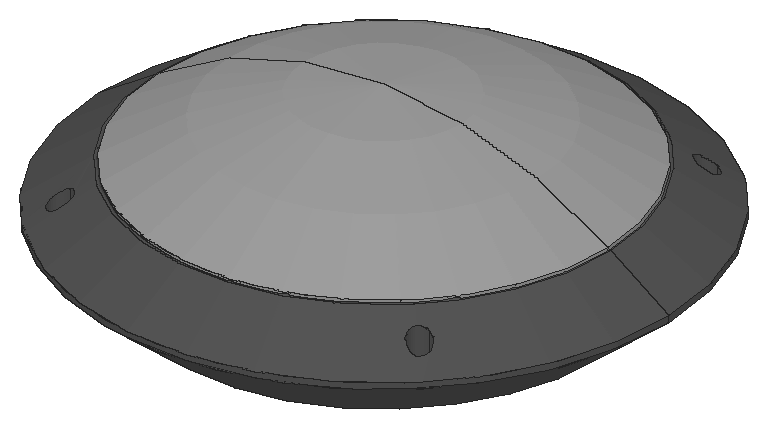
Revit family "49251", category Lighting Fixtures, host Face, Revit 2018
Family settings
  Host = Face
  Round Connector Dimension = Use Diameter
  Part Type = Normal
  OmniClass Number = 23.80.70.00
  OmniClass Title = Lighting
  Cut with Voids When Loaded = No
  Light Source = Yes
  Shared = No
  Room Calculation Point = No
Parameters (values of type "0049251 START SURFACE IP66 1450LM 830 DA EM3 BLK")
  Weight = "n/a"
  Wattage Comments = ""
  Wattage = 12 W
  WarrantyStartDate [instance] = "n/a"
  WarrantyGuarantorParts = "n/a"
  WarrantyDurationUnit = "n/a"
  WarrantyDurationParts = ""
  WarrantyDescription = "http://www.sylvania-lighting.com"
  built-in parameter 1150110 = 1 (stored number, unit not read)
  Voltage = 0 V
  URL = "1"
  TypeName = "START SURFACE IP66 1450LM 830 IK10 DALI EM3 BLK"
  Type Image = <None>
  Type Comments = "n/a"
  built-in parameter 1114217 = 1 (stored number, unit not read)
  Tilt Angle = -90.00°
  built-in parameter 1150109 = 1 (stored number, unit not read)
  built-in parameter 1150134 = (empty or 0)
  built-in parameter 1150113 = 1 (stored number, unit not read)
  SerialNumber [instance] = "n/a"
  Photometric Web File = "0049251.ies"
  Material_3_SYL = LED-Sylvania-StartSurfaceIP66
  PowerFactor = 0
  PowerConsumption = "Lighting"
  NominalLength = 300 mm
  NominalHeight = 90 mm
  NominalDepth = 300 mm
  Name = "START SURFACE IP66 1450LM 830 IK10 DALI EM3 BLK"
  ModelReference = Name  # "START SURFACE IP66 1450LM 830 IK10 DALI EM3 BLK"
  ModelNumber = "0049251"
  Model = Name  # "START SURFACE IP66 1450LM 830 IK10 DALI EM3 BLK"
  Material = "Feilo Sylvania"
  ManufacturerName = "107 lm/W"
  Manufacturer = ""
  LuminousEfficacy = ""
  built-in parameter 1150105 = 84.034 (stored number, unit not read)
  Lumens = 1056 lm
  LuminaireType = "0"
  built-in parameter 1150115 = 1 (stored number, unit not read)
  LightOutputRatio = "LED"
  built-in parameter 1150137 = (empty or 0)
  built-in parameter 1150139 = (empty or 0)
  LampsType = Lamp  # "n/a"
  LampNominalLuminous = "3000 K"
  LampMacAdamStep = "80"
  LampColourTemperature = "LED"
  LampColourRenderingIndex = "16500"
  built-in parameter 1150112 = 1 (stored number, unit not read)
  built-in parameter 1150114 = 1 (stored number, unit not read)
  Lamp = "n/a"
  Keynote = "n/a"
  InstallationDate [instance] = "n/a"
  InputVoltage = "0"
  InputNominalFrequency = "3000"
  built-in parameter 1150132 = (empty or 0)
  built-in parameter 1150102 = (empty or 0)
  built-in parameter 1150107 = 3000 (stored number, unit not read)
  built-in parameter 1150138 = (empty or 0)
  IngressProtection = "IfcLightFixtureType"
  ImpactProtectionIndex = "IfcLightFixtureType"
  built-in parameter 1150106 = 0.84034 (stored number, unit not read)
  IfcExportType = "IfcLightFixtureType"
  IfcExportAs = "Class II"
  HoleRad_SYL = 134 mm
  HoleHoleRad_SYL = 6 mm
  HoleAngle_SYL = 45.00°
  Eyelid_SYL [instance] = no
  ExpectedLife = 50000
  Emit from Circle Diameter = 200 mm
  Emit Shape Visible in Rendering = no
  ElectricShockClassification = "107"
  built-in parameter 1150104 = 8.1755 (stored number, unit not read)
  DurationUnit = "hours"
  DocumentationLiterature = "http://www.sylvania-lighting.com/product/en-int/products/0049251"
  DimmingControlOptions = "n/a"
  Material_2_SYL = Diffuser-Sylvania-StartSurfaceIP66
  Dimming Lamp Color Temperature Shift = <None>
  Description = "LED exterior surface mounted luminaire, 350mm diameter, 1450lm as max. lumen output, 15W max. power consumption, 97lm/W efficacy, 3000K color temperature, CRI80, IP66, IK10, 60,000 hours (L70), black housing, vandal resistant. DALI and DALI 2 dimming compatibility. Integrated emergency, 3 hours, supplied with anti-theft screws"
  Default Elevation = 1219.2 mm
  CreatedOn = "21/12/2022"
  CreatedBy = "@sylvania-lighting.com"
  Cost = 0
  Color Filter = 16777215
  built-in parameter 1114216 [instance] = (empty or 0)
  ClassificationValue = "EF_70_80"
  ClassificationName = "Uniclass2015"
  Material_1_SYL = Body-Sylvania-StartSurfaceIP66-Black
  BarCode [instance] = "n/a"
  built-in parameter 1114218 = 1 (stored number, unit not read)
  built-in parameter 1150133 = 10 (stored number, unit not read)
  AssetType = "Fixed"
  AssetIdentifier [instance] = "n/a"
  Assembly Code = "D5020200"
  Apparent Load = 14 VA
Reference planes
  plane 1 "Center (Front/Back)": y = 0
  plane 2: z = 0
  plane 3 "Center (Left/Right)": x = 0
  plane 4: x = 150
  plane 5: x = -150
  plane 6: z = 90
  plane 7: z = 30
  plane 8: z = 54
  plane 9: x = -113
  plane 10: x = 113
  plane 11: x = -118
  plane 12: z = 33
  plane 13: z = 51
  plane 14: z = 87
  plane 15: z = 92
  plane 16: x = -148
  plane 17: y = -13
Forms (mm)
  Revolve 1, solid, material "Diffuser-Sylvania-StartSurfaceIP66" <- "Material_2_SYL"
    sketch origin (0, 0, 0) x (1, 0, 0) y (0, 0, 1)
      loop
        arc (0, 90) -> (-61.685, 80.8) -> (-118, 54) r 211.389
        line (-118, 54) -> (-118, 51) -> (-117.081, 51)
        arc (-117.081, 51) -> (-61.245, 77.797) -> (0, 87) r 208.389
        line (0, 87) -> (0, 90)
      axis (0, 90) -> (0, 51)
    angle from 360 to 0
  Revolve 2, solid, material "Body-Sylvania-StartSurfaceIP66-Black" <- "Material_1_SYL"
    sketch origin (0, 0, 0) x (1, 0, 0) y (0, 0, 1)
      loop
        line (0, 0) -> (0, 33) -> (-118, 33) -> (-118, 52.116)
        arc (-118, 52.116) -> (-118.529, 53.009) -> (-119.566, 52.973) r 1.017
        line (-119.566, 52.973) -> (-150, 33) -> (-150, 30) -> (-113, 0) -> (0, 0)
      axis (0, 52.973) -> (0, 0)
    angle from 360 to 0
  Extrusion 3, void
    sketch origin (-1534.635, -4572, 33) x (0, -1, 0) y (-1, 0, 0)
      loop
        circle (-4666.752, -1439.882) r 6
      loop
        circle (-4666.752, -1629.387) r 6
      loop
        circle (-4477.248, -1439.882) r 6
      loop
        circle (-4477.248, -1629.387) r 6
    from -18 to 0
  Revolve 4, solid, material "Body-Sylvania-StartSurfaceIP66-Black" <- "Material_1_SYL", visible <- "Eyelid_SYL"
    sketch origin (0, 0, 0) x (1, 0, 0) y (0, 0, 1)
      loop
        line (0, 90) -> (0, 92)
        arc (0, 92) -> (-79.423, 77.068) -> (-148, 34.313) r 218.694
        line (-148, 34.313) -> (-118, 54)
        arc (-118, 54) -> (-61.685, 80.8) -> (0, 90) r 211.389
      axis (0, 92) -> (0, 34.313)
    angle from 360 to 0
  Extrusion 5, void
    sketch origin (-1534.635, -4572, 33) x (0, -1, 0) y (-1, 0, 0)
      loop
        line (-4367.393, -1384.635) -> (-4559, -1384.635)
        arc (-4559, -1384.635) -> (-4572, -1534.635) -> (-4559, -1684.635) r 871.885
        line (-4559, -1684.635) -> (-4367.393, -1684.635) -> (-4367.393, -1384.635)
    from -82.978 to 19.568
Cuts and joins
  Extrusion 3 cuts Revolve 2
  Extrusion 3, Extrusion 5 cuts Revolve 4
Lines and regions (mm)
  reference lines
    curve 1: line (-150, 0, 33) -> (-118, 0, 54)
    curve 2: circle (0, 0, 0) r 134 normal (0, 0, 1)
    curve 3: line (0, 0, 0) -> (-94.752, 94.752, 0)
    curve 4: line (0, 0, 0) -> (94.752, 94.752, 0)
    curve 5: line (0, 0, 0) -> (-94.752, -94.752, 0)
    curve 6: line (0, 0, 0) -> (94.752, -94.752, 0)
Dimensions and locks
  locked: plane 6 to plane 2 at 90
  plane 8 to plane 7 to plane 2 = 24 mm locked, 30 mm locked
  equal spacing: plane 4, plane 3 "Center (Left/Right)", plane 5
  locked: plane 4 to plane 5 at 300
  equal spacing: plane 10, plane 3 "Center (Left/Right)", plane 9
  locked: plane 9 to plane 5 at 37
  locked: plane 9 to plane 11 at 5
  locked: plane 12 to plane 7 at 3
  locked: plane 8 to plane 13 at 3
  locked: plane 6 to plane 14 at 3
  locked: plane 15 to plane 6 at 2
  locked: plane 16 to plane 5 at 2
  locked: plane 17 to plane 1 "Center (Front/Back)" at 13
  "HoleRad_SYL": radius of curve 2
  "HoleHoleRad_SYL": radius of Extrusion 3 sketch curve  (x4)
  "HoleAngle_SYL": angle curve 3 to plane 1 "Center (Front/Back)"
  "HoleAngle_SYL": angle plane 1 "Center (Front/Back)" to curve 4
  "HoleAngle_SYL": angle plane 1 "Center (Front/Back)" to curve 5
  "HoleAngle_SYL": angle curve 6 to plane 1 "Center (Front/Back)"
  aligned and locked: plane 2 to host face
  aligned and locked: level to host face
  aligned and locked: plane 5 to curve 1
  aligned and locked: plane 11 to curve 1
  aligned and locked: Revolve 1 sketch curve to plane 3 "Center (Left/Right)"
  aligned and locked: curve 1 to Revolve 1 sketch curve
  aligned and locked: plane 6 to Revolve 1 sketch curve
  aligned and locked: plane 3 "Center (Left/Right)" to Revolve 1 sketch curve  (x2)
  aligned and locked: plane 11 to Revolve 1 sketch curve  (x2)
  aligned and locked: plane 13 to Revolve 1 sketch curve  (x2)
  aligned and locked: plane 14 to Revolve 1 sketch curve
  aligned and locked: Revolve 2 sketch curve to plane 3 "Center (Left/Right)"  (x2)
  aligned and locked: level to Revolve 2 sketch curve
  aligned and locked: plane 5 to Revolve 2 sketch curve
  aligned and locked: Revolve 2 sketch curve to curve 1
  aligned and locked: plane 3 "Center (Left/Right)" to curve 3
  aligned and locked: plane 13 to Extrusion 3
  aligned and locked: Extrusion 3 to plane 12
  aligned and locked: Revolve 2 sketch curve to plane 12
  aligned and locked: Revolve 4 sketch curve to plane 3 "Center (Left/Right)"  (x2)
  aligned and locked: Revolve 1 to Revolve 4 sketch curve
  aligned and locked: Revolve 4 sketch curve to curve 1
  aligned and locked: plane 11 to Revolve 4 sketch curve
  aligned and locked: plane 16 to Revolve 4 sketch curve
  aligned and locked: plane 15 to Revolve 4 sketch curve
  aligned and locked: plane 4 to Extrusion 5
  aligned and locked: Extrusion 5 to plane 5
  aligned and locked: plane 3 "Center (Left/Right)" to imposter light
  aligned and locked: imposter light to plane 1 "Center (Front/Back)"
  aligned and locked: plane 8 to imposter light
Automatic sketch dimensions
  host sketch curve to host sketch curve = 600 mm  (x2)
  curve 1 to plane 8 = 0 mm
  curve 1 to plane 12 = 0 mm
  Revolve 1 sketch curve to Revolve 1 sketch curve = 0 mm
  Revolve 1 sketch curve to Revolve 1 sketch curve = 488.211 mm
  Revolve 1 sketch curve to Revolve 1 sketch curve = 2519.058 mm
  plane 1 "Center (Front/Back)" to curve 2 = 0 mm
  curve 2 to plane 3 "Center (Left/Right)" = 0 mm
  plane 1 "Center (Front/Back)" to curve 4 = 0 mm
  Extrusion 3 sketch curve to plane 10 = 18.248 mm  (x2)
  Extrusion 3 sketch curve to plane 1 "Center (Front/Back)" = 94.752 mm  (x2)
  plane 9 to Extrusion 3 sketch curve = 18.248 mm  (x2)
  plane 1 "Center (Front/Back)" to Extrusion 3 sketch curve = 94.752 mm  (x2)
  Revolve 2 sketch curve to plane 9 = 0 mm
  Revolve 2 sketch curve to plane 7 = 0 mm
  Revolve 2 sketch curve to plane 8 = 1.027 mm
  Revolve 2 sketch curve to Revolve 2 sketch curve = 0.549 mm
  Revolve 2 sketch curve to level = 609.6 mm
  plane 6 to Revolve 2 sketch curve = 2519.058 mm
  Revolve 2 sketch curve to plane 11 = 0 mm
  Revolve 4 sketch curve to plane 6 = 0 mm
  Revolve 4 sketch curve to Revolve 4 sketch curve = 482.906 mm
  Revolve 4 sketch curve to Revolve 4 sketch curve = 2517.058 mm
  Extrusion 5 sketch curve to plane 5 = 0 mm
  Extrusion 5 sketch curve to plane 4 = 0 mm
  plane 17 to Extrusion 5 sketch curve = 191.607 mm
  Extrusion 5 sketch curve to Extrusion 5 sketch curve = 667.277 mm
  plane 17 to Extrusion 5 sketch curve = 0 mm  (x2)
Connectors
  electrical at (0, 0, 0), driven by "Apparent Load", driven by "PowerFactor", driven by "Voltage"
    settings: index 1, voltage 0 V, apparent load 14 VA, apparent load phase1 0 VA, apparent load phase2 0 VA, apparent load phase3 0 VA, power factor 0, load classification "Lighting", number of poles 1, system type 30, power factor state 1, is connector primary yes, connector utility no, sub classification motor no, connector description ""
